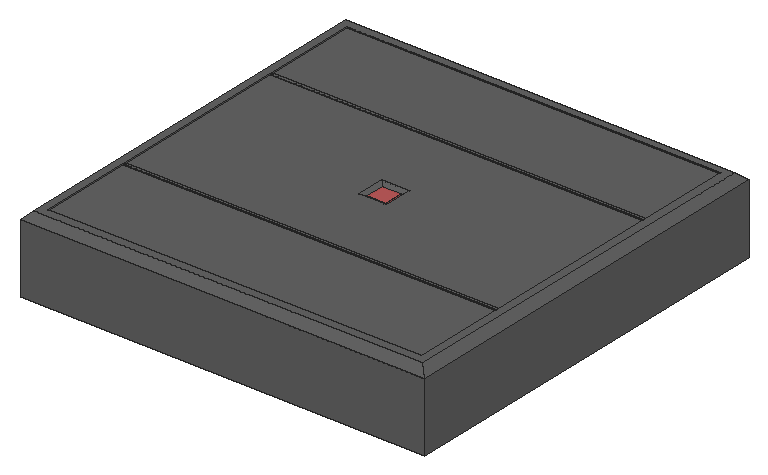
Revit family "Proximity Reader_P-900_Farpointe_R16", category Security Devices, host Face, Revit 2016
Family settings
  Host = Face
  Maintain Annotation Orientation = No
  Part Type = Normal
  Round Connector Dimension = Use Diameter
  Cut with Voids When Loaded = No
  Shared = No
  Room Calculation Point = No
Parameters
  Width = 10.5"
  URL - Quick Start Guides [instance] = "http://farpointedata.com/downloads/qsg_and_ref/ProximityReaders_QSG.pdf"
  URL - Mounting Guides Letter Size [instance] = "http://farpointedata.com/downloads/mounting_guides/MountingGuide_P900_Ltr.pdf"
  URL - Mounting Guides A4 Size [instance] = "http://farpointedata.com/downloads/mounting_guides/MountingGuide_P900_A4.pdf"
  URL - Data Sheets [instance] = "http://farpointedata.com/downloads/datasheets/P900_TDS.pdf"
  URL - Bid Specifications [instance] = "http://farpointedata.com/downloads/bid_specs/Farpointe_Pyramid_Specification.docx"
  URL = "http://www.farpointedata.com/"
  Modeled By [instance] = "www.commensestudio.com"
  Model = "P-900 Proximity Reader"  # constant formula
  Manufacturer = "Farpointe Data"  # constant formula
  LED [instance] = LED
  Height = 10.5"
  Description = "Long-Range Proximity, Single/Double-Gang Wall Switch Box"  # constant formula
  Depth = 2"
  Default Elevation = 48"
  Cover [instance] = Cover
Reference planes (in)
  plane 1 "Center (Front/Back)": y = 0
  plane 2: z = 0
  plane 3 "Center (Left/Right)": x = 0
  plane 4: x = -5.25
  plane 5: x = 5.25
  plane 6: y = 5.25
  plane 7: y = -5.25
  plane 8: z = 2
Forms (in)
  Extrusion 1, solid, material "Cover" <- "Cover"
    sketch origin (0, 0, 1.3) x (1, 0, 0) y (0, 1, 0)
      loop
        line (-5.25, -5.25) -> (5.25, -5.25) -> (5.25, 5.25) -> (-5.25, 5.25) -> (-5.25, -5.25)
    from -1.3 to 0.5
  Blend 2, solid, material "Cover" <- "Cover"
    base sketch origin (0, 0, 1.3) x (1, 0, 0) y (0, 1, 0)
      loop
        line (-5.25, 5.25) -> (-5.25, -5.25) -> (5.25, -5.25) -> (5.25, 5.25) -> (-5.25, 5.25)
    top sketch origin (0, 0, 1.3) x (1, 0, 0) y (0, 1, 0)
      loop
        line (-5.05, 5.05) -> (-5.05, -5.05) -> (5.05, -5.05) -> (5.05, 5.05) -> (-5.05, 5.05)
    from 0.5 to 0.7
  Extrusion 3, solid, material "LED" <- "LED"
    sketch origin (0, 0, 1.3) x (1, 0, 0) y (0, 1, 0)
      loop
        line (0.25, -0.25) -> (0.25, 0.25) -> (-0.25, 0.25) -> (-0.25, -0.25) -> (0.25, -0.25)
    from 0.5 to 0.61661
  Blend 4, void
    base sketch origin (0, 0, 1.3) x (1, 0, 0) y (0, 1, 0)
      loop
        line (-0.25, 0.25) -> (-0.25, -0.25) -> (0.25, -0.25) -> (0.25, 0.25) -> (-0.25, 0.25)
    top sketch origin (0, 0, 1.3) x (1, 0, 0) y (0, 1, 0)
      loop
        line (-0.39738, 0.39738) -> (-0.39738, -0.39738) -> (0.39738, -0.39738) -> (0.39738, 0.39738) -> (-0.39738, 0.39738)
    from 0.6 to 0.7
  Extrusion 5, void
    sketch origin (0, 0, 1) x (1, 0, 0) y (0, 1, 0)
      loop
        line (-4.85, 4.85) -> (-4.85, 2.4125) -> (4.85, 2.4125) -> (4.85, 4.85) -> (-4.85, 4.85)
      loop
        line (-4.85, -4.85) -> (4.85, -4.85) -> (4.85, -2.4125) -> (-4.85, -2.4125) -> (-4.85, -4.85)
      loop
        line (-4.85, 2.3625) -> (-4.85, -2.3625) -> (4.85, -2.3625) -> (4.85, 2.3625) -> (-4.85, 2.3625)
    from 0.98 to 1.2
Cuts and joins
  Blend 4, Extrusion 5 cuts Blend 2
Dimensions and locks (in)
  equal spacing: plane 7, plane 1 "Center (Front/Back)", plane 6
  equal spacing: plane 4, plane 3 "Center (Left/Right)", plane 5
  "Height": plane 7 to plane 6
  "Width": plane 4 to plane 5
  "Depth": plane 8 to level
  aligned and locked: plane 2 to host face
  aligned and locked: level to host face
  aligned and locked: Blend 2 sketch curve to Extrusion 1
Automatic sketch dimensions
  host sketch curve to host sketch curve = 96"  (x2)
  plane 6 to Extrusion 1 sketch curve = 0"
  plane 4 to Extrusion 1 sketch curve = 0"
  Extrusion 1 sketch curve to plane 5 = 0"
  Extrusion 1 sketch curve to plane 7 = 0"
  Blend 2 sketch curve to plane 7 = 0.2"
  plane 4 to Blend 2 sketch curve = 0.2"
  Blend 2 sketch curve to plane 5 = 0.2"
  plane 6 to Blend 2 sketch curve = 0.2"
  Extrusion 3 sketch curve to plane 3 "Center (Left/Right)" = 0.25"
  plane 3 "Center (Left/Right)" to Extrusion 3 sketch curve = 0.25"
  plane 1 "Center (Front/Back)" to Extrusion 3 sketch curve = 0.25"
  Extrusion 3 sketch curve to plane 1 "Center (Front/Back)" = 0.25"
  Blend 4 sketch curve to plane 3 "Center (Left/Right)" = 0.25"
  plane 3 "Center (Left/Right)" to Blend 4 sketch curve = 0.25"
  plane 1 "Center (Front/Back)" to Blend 4 sketch curve = 0.25"
  Blend 4 sketch curve to plane 1 "Center (Front/Back)" = 0.25"
  Blend 4 sketch curve to plane 3 "Center (Left/Right)" = 0.39738"
  plane 3 "Center (Left/Right)" to Blend 4 sketch curve = 0.39738"
  plane 1 "Center (Front/Back)" to Blend 4 sketch curve = 0.39738"
  Blend 4 sketch curve to plane 1 "Center (Front/Back)" = 0.39738"
  Blend 2 sketch curve to plane 4 = 0"
  plane 7 to Blend 2 sketch curve = 0"
  plane 6 to Blend 2 sketch curve = 0"
  plane 4 to Extrusion 5 sketch curve = 0.4"  (x2)
  Extrusion 5 sketch curve to plane 5 = 0.4"
  Extrusion 5 sketch curve to plane 7 = 0.4"
  plane 6 to Extrusion 5 sketch curve = 0.4"
  Extrusion 5 sketch curve to Extrusion 5 sketch curve = 2.4375"
  Extrusion 5 sketch curve to Extrusion 5 sketch curve = 0.05"  (x2)
  Extrusion 5 sketch curve to Extrusion 5 sketch curve = 2.4875"
  Extrusion 5 sketch curve to Extrusion 5 sketch curve = 0"  (x3)
Connectors (in)
  electrical at (0, 0, 0)
    settings: index 3, voltage 0 V, apparent load 0 VA, apparent load phase1 0 VA, apparent load phase2 0 VA, apparent load phase3 0 VA, power factor 1, load classification "Other", number of poles 1, system type 10, power factor state 1, is connector primary yes, connector utility no, sub classification motor no, connector description ""
